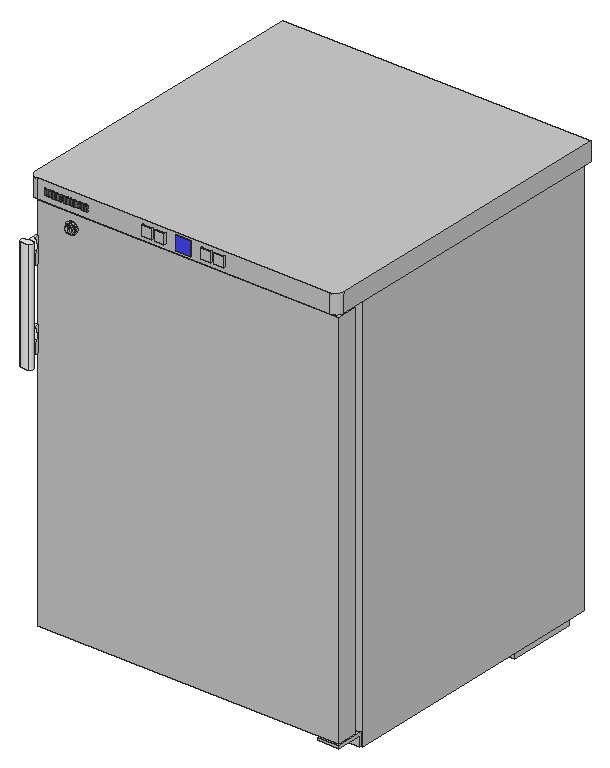
Revit family "QF_LIEBHERR_GGU 1550.191129010333", category Specialty Equipment, Revit 2016
Family settings
  Part Type = Normal
  Round Connector Dimension = Use Diameter
  OmniClass Number = 23.40.40.14
  OmniClass Title = Food Service Equipment
  Work Plane-Based = No
  Always vertical = Yes
  Cut with Voids When Loaded = No
  Shared = No
  Room Calculation Point = No
Parameters (values of type "GGU 1550_230V/1Ph/50Hz")
  URL catalogue = ""
  URL = "home.liebherr.com"
  Type de Raccord Electrique [instance] = ""
  Type article [instance] = ""
  Tension = 230 V
  Status [instance] = ""
  Spécification technique = ""
  Spécification du Fabricant [instance] = ""
  Spécification de l'Utilisateur [instance] = ""
  SMACNA No spécifique pour les matériaux  Etats Unis = ""
  Quantité par lot [instance] = no
  Puissance électrique  = 60 W
  Puissance en CV = ""
  Puissance Apparente = 60 VA
  Protection de l'Appareil = 0 A
  Profondeur hors tout = 615 mm
  Poids net à vide = 39.00 kg
  Phase = 1
  Numéro de Série = ""
  Nombres de Pôles = 2
  Nombre d'identification NAFEM = ""
  Model = "GGU 1550"
  Manufacturer = "LIEBHERR"
  Longueur hors tout = 600 mm
  Intensité nominale courant electrique = 0.6 A
  Installé Par [instance] = ""
  Identifiant Equipement [instance] = no
  Hauteur hors tout = 815 mm
  Hauteur de Raccordement du Sol Finis [instance] = 50 mm
  Hauteur de Raccordement du Sol Brut [instance] = 0 mm
  Fréquence = 50 Hz
  Fournis Par [instance] = ""
  Description = "TABLEHEIGHT FREEZER GGU 1550, -9/-26°C, S/STEEL EXTERIOR PS INTERIOR, 133 L NET"
  Câble de connexion à l'appareil inclus = no
  Cost = 0
  Consommation d'énergie minimale = 0 A
  Connexion prise électrique  = ""
  Code de Révision [instance] = ""
  Classification dans le projet = ""
  Classement sismique = ""
  Accessoires = no
Reference planes
  plane 1 "Centre (avant/arrière)": y = 0
  plane 2: z = 0
  plane 3 "Centre (gauche/droite)": x = 0
Forms (mm)
  Extrusion 1, solid, not visible
    sketch origin (419, -2, 64) x (1, 0, 0) y (0, 1, 0)
      loop
        line (0, 0) -> (2, 0) -> (2, 2) -> (0, 2) -> (0, 0)
    from 0 to 2
Dimensions and locks
  aligned and locked: level to plane 2
Nested families
  nested 1: "QF_LIEBHERR_GGU 1550_230V_1Ph_50Hz" at (0, 0, 15), type "GGU 1550_230V/1Ph/50Hz"
    with Show Logo yes, Show Clearance yes
  nested 2: "QF_LIEBHERR_FKUV1660_DOOR_RX" at (0, 0, 15), type "FKUV1660_DOOR_RX"
    with Show Logo yes, Show Clearance yes
  nested 3: "QF_LIEBHERR_FKUV_LEGS" at (0, 0, 0), type "FKUV_LEGS"
    with Show Logo yes, Show Clearance yes
Connectors
  electrical at (420, 0, 65), driven by "Puissance Apparente", driven by "Nombres de Pôles", driven by "Tension"
    settings: on Extrusion 1, index 1, voltage 230 V, apparent load 0 VA, apparent load phase1 60 VA, apparent load phase2 0 VA, apparent load phase3 0 VA, power factor 1, load classification "Other", number of poles 2, system type 31, power factor state 1, is connector primary yes, connector utility no, sub classification motor no, connector description "Electric connection for 'GGU 1550'"
Definition of nested family "QF_LIEBHERR_GGU 1550_230V_1Ph_50Hz"
  Parameters (values of type "GGU 1550_230V/1Ph/50Hz")
    URL = "home.liebherr.com"
    Show Logo [instance] = yes
    Show Clearance [instance] = yes
    Model = "GGU 1550"
    Manufacturer = "LIEBHERR"
    Description = "TABLEHEIGHT FREEZER GGU 1550, -9/-26°C, S/STEEL EXTERIOR PS INTERIOR, 133 L NET"
    Assembly Code = "E1090320"
  Types (3, lengths in mm): name | Model | Description
    FKUv 1660 | "FKUv 1660" | "TABLEHEIGHT FRIDGE FKUV 1660, +1/+15°C, S/STEEL EXTERIOR PS INTERIOR, 130 L NET"
    FKUv 1663 | "FKUv 1663" | "TABLEHEIGHT FRIDGE GLASS DOOR FKUV 1663, +1/+15°C, S/STEEL EXTERIOR PS INTERIOR, 130 L NET"
    GGU 1550_230V/1Ph/50Hz | "GGU 1550" | "TABLEHEIGHT FREEZER GGU 1550, -9/-26°C, S/STEEL EXTERIOR PS INTERIOR, 133 L NET"
  Reference planes
    plane 1 "Back": y = 0
    plane 2: z = 0
    plane 3 "Left": x = 0
    plane 4 "Right": x = 600
    plane 5 "Front": y = -615
    plane 6 "Top": z = 814.735
  Forms (mm)
    Extrusion 1, solid, visible <- "Show Logo"
      sketch origin (-279.177, -615, -1135.324) x (1, 0, 0) y (0, 0, 1)
        loop
          line (309.542, 1937.598) -> (309.542, 1926.598) -> (317.534, 1926.598) -> (317.534, 1929.598) -> (314.534, 1929.598) -> (314.534, 1937.598) -> (309.542, 1937.598)
        loop
          line (318.542, 1937.598) -> (318.542, 1926.598) -> (323.534, 1926.598) -> (323.534, 1937.598) -> (318.542, 1937.598)
        loop
          line (325.425, 1937.598) -> (325.425, 1926.598) -> (332.444, 1926.598) -> (332.444, 1929.098) -> (330.418, 1929.098) -> (330.418, 1931.098) -> (332.444, 1931.098) -> (332.444, 1933.098) -> (330.418, 1933.098) -> (330.418, 1935.098) -> (332.444, 1935.098) -> (332.444, 1937.598) -> (325.425, 1937.598)
        loop
          line (334.425, 1937.598) -> (334.425, 1926.598) -> (341.444, 1926.598)
          arc (341.444, 1926.598) -> (344.324, 1928.719) -> (343.152, 1932.098) r 3.015
          arc (343.152, 1932.098) -> (344.324, 1935.477) -> (341.444, 1937.598) r 3.015
          line (341.444, 1937.598) -> (334.425, 1937.598)
        loop
          line (340.389, 1935.098) -> (339.418, 1935.098) -> (339.418, 1933.098) -> (340.389, 1933.098)
          arc (340.389, 1933.098) -> (341.389, 1934.098) -> (340.389, 1935.098) r 1
        loop
          arc (340.456, 1929.098) -> (341.456, 1930.098) -> (340.456, 1931.098) r 1
          line (340.456, 1931.098) -> (339.418, 1931.098) -> (339.418, 1929.098) -> (340.456, 1929.098)
        loop
          line (346.398, 1937.598) -> (346.398, 1926.598) -> (351.391, 1926.598) -> (351.391, 1931.098) -> (353.417, 1931.098) -> (353.417, 1926.598) -> (358.41, 1926.598) -> (358.41, 1937.598) -> (353.417, 1937.598) -> (353.417, 1933.098) -> (351.391, 1933.098) -> (351.391, 1937.598) -> (346.398, 1937.598)
        loop
          line (359.811, 1937.598) -> (359.811, 1926.598) -> (366.83, 1926.598) -> (366.83, 1929.098) -> (364.803, 1929.098) -> (364.803, 1931.098) -> (366.83, 1931.098) -> (366.83, 1933.098) -> (364.803, 1933.098) -> (364.803, 1935.098) -> (366.83, 1935.098) -> (366.83, 1937.598) -> (359.811, 1937.598)
        loop
          line (368.822, 1937.598) -> (368.822, 1926.598) -> (373.814, 1926.598) -> (373.814, 1929.098) -> (374.887, 1926.598) -> (379.88, 1926.598) -> (378.318, 1930.237)
          arc (378.318, 1930.237) -> (379.724, 1934.807) -> (375.841, 1937.598) r 4.097
          line (375.841, 1937.598) -> (368.822, 1937.598)
        loop
          line (374.786, 1935.098) -> (373.814, 1935.098) -> (373.814, 1932.141) -> (374.786, 1932.141)
          arc (374.786, 1932.141) -> (376.264, 1933.619) -> (374.786, 1935.098) r 1.479
        loop
          line (381.56, 1937.598) -> (381.56, 1926.598) -> (386.553, 1926.598) -> (386.553, 1929.098) -> (387.626, 1926.598) -> (392.618, 1926.598) -> (391.057, 1930.237)
          arc (391.057, 1930.237) -> (392.463, 1934.807) -> (388.58, 1937.598) r 4.097
          line (388.58, 1937.598) -> (381.56, 1937.598)
        loop
          line (387.524, 1935.098) -> (386.553, 1935.098) -> (386.553, 1932.141) -> (387.524, 1932.141)
          arc (387.524, 1932.141) -> (389.003, 1933.619) -> (387.524, 1935.098) r 1.479
      from 0 to 2
    Extrusion 2, solid
      sketch origin (100, 0, 0) x (1, 0, 0) y (0, 0, 1)
        loop
          circle (450, 50) r 5
      from 0 to 12.972
    Extrusion 3, solid
      sketch origin (-46.444, -614, -1056.589) x (1, 0, 0) y (0, 0, 1)
        loop
          line (360.944, 1868.324) -> (331.944, 1868.324) -> (331.944, 1839.324) -> (360.944, 1839.324) -> (360.944, 1868.324)
      from 0 to 2
    Extrusion 4, solid
      sketch origin (0, 0, 0) x (1, 0, 0) y (0, 1, 0)
        loop
          line (600, 0) -> (0, 0) -> (0, -600.032)
          arc (0, -600.032) -> (4.384, -610.616) -> (14.968, -615) r 14.968
          line (14.968, -615) -> (585.032, -615)
          arc (585.032, -615) -> (595.616, -610.616) -> (600, -600.032) r 14.968
          line (600, -600.032) -> (600, 0)
      from 778.813 to 814.735
    Extrusion 5, solid
      sketch origin (0, 0, 0) x (1, 0, 0) y (0, 0, 1)
        loop
          line (2.145, 778.813) -> (2.145, 0) -> (597.855, 0) -> (597.855, 778.813) -> (2.145, 778.813)
        loop
          line (62.145, 718.813) -> (62.145, 60) -> (537.855, 60) -> (537.855, 718.813) -> (62.145, 718.813)
      from 12.972 to 551.306
    Extrusion 6, solid
      sketch origin (0, 0, 0) x (0, 1, 0) y (0, 0, 1)
        loop
          line (-12.972, 718.813) -> (-72.972, 718.813) -> (-72.972, 60) -> (-12.972, 60) -> (-12.972, 718.813)
      from 62.145 to 537.855
    Extrusion 7, solid
      sketch origin (-1.444, -615, -1056.589) x (1, 0, 0) y (0, 0, 1)
        loop
          line (355.944, 1863.324) -> (336.944, 1863.324) -> (336.944, 1844.324) -> (355.944, 1844.324) -> (355.944, 1863.324)
      from 0 to 3
    Extrusion 8, solid
      sketch origin (23.556, -615, -1056.589) x (1, 0, 0) y (0, 0, 1)
        loop
          line (355.944, 1863.324) -> (336.944, 1863.324) -> (336.944, 1844.324) -> (355.944, 1844.324) -> (355.944, 1863.324)
      from 0 to 3
    Extrusion 9, solid
      sketch origin (601.444, -615, -1056.589) x (-1, 0, 0) y (0, 0, -1)
        loop
          line (355.944, -1863.324) -> (355.944, -1844.324) -> (336.944, -1844.324) -> (336.944, -1863.324) -> (355.944, -1863.324)
      from 0 to 3
    Extrusion 10, solid
      sketch origin (576.444, -615, -1056.589) x (-1, 0, 0) y (0, 0, -1)
        loop
          line (355.944, -1863.324) -> (355.944, -1844.324) -> (336.944, -1844.324) -> (336.944, -1863.324) -> (355.944, -1863.324)
      from 0 to 3
    Extrusion 11, solid
      sketch origin (0, -550.306, 0) x (1, 0, 0) y (0, 0, 1)
        loop
          line (296.613, 17.937) -> (269.516, 17.937)
          arc (269.516, 17.937) -> (265, 13.421) -> (269.516, 8.905) r 4.516
          line (269.516, 8.905) -> (323.71, 8.905)
          arc (323.71, 8.905) -> (328.226, 13.421) -> (323.71, 17.937) r 4.516
          line (323.71, 17.937) -> (296.613, 17.937)
        loop
          line (368.871, 17.937) -> (341.774, 17.937)
          arc (341.774, 17.937) -> (337.258, 13.421) -> (341.774, 8.905) r 4.516
          line (341.774, 8.905) -> (395.968, 8.905)
          arc (395.968, 8.905) -> (400.484, 13.421) -> (395.968, 17.937) r 4.516
          line (395.968, 17.937) -> (368.871, 17.937)
        loop
          line (441.129, 17.937) -> (414.032, 17.937)
          arc (414.032, 17.937) -> (409.516, 13.421) -> (414.032, 8.905) r 4.516
          line (414.032, 8.905) -> (468.226, 8.905)
          arc (468.226, 8.905) -> (472.742, 13.421) -> (468.226, 17.937) r 4.516
          line (468.226, 17.937) -> (441.129, 17.937)
        loop
          line (513.387, 17.937) -> (486.29, 17.937)
          arc (486.29, 17.937) -> (481.774, 13.421) -> (486.29, 8.905) r 4.516
          line (486.29, 8.905) -> (540.484, 8.905)
          arc (540.484, 8.905) -> (545, 13.421) -> (540.484, 17.937) r 4.516
          line (540.484, 17.937) -> (513.387, 17.937)
        loop
          line (224.355, 17.937) -> (197.258, 17.937)
          arc (197.258, 17.937) -> (192.742, 13.421) -> (197.258, 8.905) r 4.516
          line (197.258, 8.905) -> (251.452, 8.905)
          arc (251.452, 8.905) -> (255.968, 13.421) -> (251.452, 17.937) r 4.516
          line (251.452, 17.937) -> (224.355, 17.937)
        loop
          line (152.097, 17.937) -> (125, 17.937)
          arc (125, 17.937) -> (120.484, 13.421) -> (125, 8.905) r 4.516
          line (125, 8.905) -> (179.194, 8.905)
          arc (179.194, 8.905) -> (183.71, 13.421) -> (179.194, 17.937) r 4.516
          line (179.194, 17.937) -> (152.097, 17.937)
        loop
          line (79.839, 17.937) -> (52.742, 17.937)
          arc (52.742, 17.937) -> (48.226, 13.421) -> (52.742, 8.905) r 4.516
          line (52.742, 8.905) -> (106.935, 8.905)
          arc (106.935, 8.905) -> (111.452, 13.421) -> (106.935, 17.937) r 4.516
          line (106.935, 17.937) -> (79.839, 17.937)
      from 0 to 2
  Cuts and joins
    joined: Extrusion 5, Extrusion 6
  Lines and regions (mm)
    symbolic lines
      curve 1: line (0, 0, 0) -> (600, 0, 0)
      curve 2: line (0, -600.032, 0) -> (0, 0, 0)
      curve 3: arc (0, -600.032, 0) -> (4.384, -610.616, 0) -> (14.968, -615, 0) r 14.968
      curve 4: arc (585.032, -615, 0) -> (595.616, -610.616, 0) -> (600, -600.032, 0) r 14.968
      curve 5: line (14.968, -615, 0) -> (585.032, -615, 0)
      curve 6: line (600, -600.032, 0) -> (600, 0, 0)
  Dimensions and locks
    plane 5 "Front" to plane 1 "Back" = 615 mm
    plane 3 "Left" to plane 4 "Right" = 600 mm
    plane 6 "Top" to level = 814.735 mm
    aligned and locked: level to plane 2
  Connectors
    electrical at (550, 0, 50)
      settings: on Extrusion 2, index 1, voltage 0 V, apparent load 0 VA, apparent load phase1 0 VA, apparent load phase2 0 VA, apparent load phase3 0 VA, power factor 1, load classification none, number of poles 1, system type 31, power factor state 1, is connector primary yes, connector utility no, sub classification motor no, connector description "Electrical connection"
Definition of nested family "QF_LIEBHERR_FKUV1660_DOOR_RX"
  Parameters (values of type "FKUV1660_DOOR_RX")
    URL catalogue [instance] = ""
    URL = "home.liebherr.com"
    Status [instance] = ""
    Spécification technique [instance] = ""
    Spécification du Fabricant [instance] = ""
    Spécification de l'Utilisateur [instance] = ""
    Show Logo [instance] = yes
    Show Clearance [instance] = yes
    SMACNA No spécifique pour les matériaux  Etats Unis [instance] = ""
    Quantité par lot [instance] = no
    Profondeur hors tout [instance] = 53 mm
    Poids net à vide [instance] = 0.00 kg
    Numéro de Série [instance] = ""
    Nombre d'identification NAFEM [instance] = ""
    Model = "FKUV1660_DOOR_RX"
    Manufacturer = "LIEBHERR"
    Longueur hors tout [instance] = 586 mm
    Installé Par [instance] = ""
    Identifiant Equipement [instance] = no
    Hauteur hors tout [instance] = 742 mm
    Fournis Par [instance] = ""
    Description = "DOOR WITH RIGHT OPENING"
    Cost = 0
    Code de Révision [instance] = ""
    Classification dans le projet [instance] = ""
    Classement sismique [instance] = ""
    Assembly Code = "E1090320"
    Accessoires [instance] = yes
  Reference planes
    plane 1 "Back": y = 0
    plane 2: z = 0
    plane 3 "Left": x = 0
    plane 4 "Right": x = 600
    plane 5 "Front": y = -615
    plane 6 "Top": z = 778.813
  Forms (mm)
    Extrusion 1, solid
      sketch origin (-150.212, 127.831, 0) x (0, 1, 0) y (0, 0, 1)
        loop
          line (-692.771, 769.233) -> (-732.932, 769.233) -> (-732.932, 26.842) -> (-692.771, 26.842) -> (-692.771, 769.233)
      from 157.247 to 743.976
    Extrusion 2, solid
      sketch origin (-124.188, 124.899, 0) x (0, 1, 0) y (0, 0, 1)
        loop
          line (-689.839, 754.233) -> (-689.839, 41.842) -> (-676.205, 41.842) -> (-676.205, 754.233) -> (-689.839, 754.233)
      from 146.223 to 697.952
    Extrusion 3, solid
      sketch origin (1.011, 124.899, -579.349) x (1, 0, 0) y (0, 1, 0)
        loop
          line (1.205, -704.339) -> (1.205, -746.243)
          arc (1.205, -746.243) -> (1.969, -750.085) -> (4.146, -753.342) r 10.04
          line (4.146, -753.342) -> (16.509, -765.705)
          arc (16.509, -765.705) -> (17.815, -767.66) -> (18.273, -769.965) r 6.024
          line (18.273, -769.965) -> (18.273, -775.008) -> (32.329, -775.008) -> (32.329, -765.806)
          arc (32.329, -765.806) -> (31.565, -761.964) -> (29.389, -758.707) r 10.04
          line (29.389, -758.707) -> (6.024, -735.342) -> (6.024, -704.339) -> (1.205, -704.339)
      from 1260.04 to 1285.141
    Extrusion 4, solid
      sketch origin (1.011, 124.899, -579.349) x (1, 0, 0) y (0, 1, 0)
        loop
          arc (17.07, -773.263) -> (13.318, -778.802) -> (17.07, -784.341) r 5.964
          arc (17.07, -784.341) -> (25.301, -785.924) -> (33.532, -784.341) r 22.195
          arc (33.532, -784.341) -> (37.285, -778.802) -> (33.532, -773.263) r 5.964
          arc (33.532, -773.263) -> (25.301, -771.681) -> (17.07, -773.263) r 22.195
      from 1085.843 to 1303.715
    Extrusion 5, solid
      sketch origin (1.011, 124.899, -734.972) x (1, 0, 0) y (0, 1, 0)
        loop
          line (1.205, -704.339) -> (1.205, -746.243)
          arc (1.205, -746.243) -> (1.969, -750.085) -> (4.146, -753.342) r 10.04
          line (4.146, -753.342) -> (16.509, -765.705)
          arc (16.509, -765.705) -> (17.815, -767.66) -> (18.273, -769.965) r 6.024
          line (18.273, -769.965) -> (18.273, -775.008) -> (32.329, -775.008) -> (32.329, -765.806)
          arc (32.329, -765.806) -> (31.565, -761.964) -> (29.389, -758.707) r 10.04
          line (29.389, -758.707) -> (6.024, -735.342) -> (6.024, -704.339) -> (1.205, -704.339)
      from 1260.04 to 1285.141
    Extrusion 6, solid
      sketch origin (-128.285, 128.192, 0) x (1, 0, 0) y (0, 1, 0)
        loop
          circle (709.086, -713.896) r 10
      from 23.449 to 26.842
    Extrusion 7, solid
      sketch origin (-128.285, 128.192, 726.563) x (1, 0, 0) y (0, 1, 0)
        loop
          circle (709.086, -713.896) r 10
      from 42.671 to 52.25
    Extrusion 8, solid, visible <- "Show Clearance", detail levels coarse
      sketch origin (-150.212, 124.899, 0) x (1, 0, 0) y (0, 1, 0)
        loop
          line (743.976, -730) -> (157.247, -730)
          arc (157.247, -730) -> (321.861, -1117.931) -> (703.976, -1295.628) r 587.072
          line (703.976, -1295.628) -> (743.976, -1295.628) -> (743.976, -730)
      from 26.842 to 769.233
    Extrusion 9, solid
      sketch origin (599.788, 124.899, -19.699) x (0, 1, 0) y (0, 0, -1)
        loop
          line (-676.205, -19.699) -> (-680.221, -19.699) -> (-680.221, -39.157) -> (-731.086, -39.157) -> (-731.086, -43.148) -> (-676.205, -43.148) -> (-676.205, -19.699)
      from 5.208 to 45.121
    Revolve 10, solid
      sketch origin (74.189, 124.899, -804.98) x (0, 1, 0) y (0, 0, -1)
        loop
          line (-740.04, -1549.699) -> (-740.04, -1554.63) -> (-738.032, -1555.634) -> (-737.032, -1555.634) -> (-737.032, -1556.723) -> (-735.02, -1558.735) -> (-734.018, -1558.735) -> (-732.01, -1560.743) -> (-730, -1560.743) -> (-730, -1549.699) -> (-740.04, -1549.699)
        axis (-730, -1549.699) -> (-740.04, -1549.699)
      angle from 0 to 360
  Lines and regions (mm)
    symbolic lines, visible <- "Show Clearance"
      curve 1: line (593.764, -1170.728, 0) -> (593.764, -612.19, 0)
      curve 2: line (553.764, -1170.728, 0) -> (553.764, -615, 0)
      curve 3: line (553.764, -1170.728, 0) -> (593.764, -1170.728, 0)
      curve 16: arc (7.355, -612.919, 0) -> (174.377, -995.835, 0) -> (553.764, -1170.728, 0) r 587.072
    symbolic lines
      curve 4: line (2.215, -607.869, 0) -> (2.215, -621.344, 0)
      curve 5: line (11.077, -614.486, 0) -> (30.399, -633.808, 0)
      curve 6: line (33.34, -647.923, 0) -> (33.34, -640.907, 0)
      curve 7: line (19.284, -647.923, 0) -> (19.284, -645.066, 0)
      curve 8: line (17.519, -640.806, 0) -> (5.156, -628.443, 0)
      curve 9: arc (2.215, -621.344, 0) -> (2.98, -625.186, 0) -> (5.156, -628.443, 0) r 10.04
      curve 10: arc (17.519, -640.806, 0) -> (18.825, -642.761, 0) -> (19.284, -645.066, 0) r 6.024
      curve 11: arc (33.34, -640.907, 0) -> (32.576, -637.065, 0) -> (30.399, -633.808, 0) r 10.04
      curve 12: arc (18.081, -648.364, 0) -> (14.328, -653.903, 0) -> (18.081, -659.442, 0) r 5.964
      curve 13: arc (18.081, -659.442, 0) -> (26.312, -661.024, 0) -> (34.543, -659.442, 0) r 22.195
      curve 14: arc (34.543, -659.442, 0) -> (38.295, -653.903, 0) -> (34.543, -648.364, 0) r 5.964
      curve 15: arc (34.543, -648.364, 0) -> (26.312, -646.781, 0) -> (18.081, -648.364, 0) r 22.195
  Dimensions and locks
    plane 5 "Front" to plane 1 "Back" = 615 mm
    plane 3 "Left" to plane 4 "Right" = 600 mm
    plane 6 "Top" to level = 778.813 mm
    aligned and locked: level to plane 2
Definition of nested family "QF_LIEBHERR_FKUV_LEGS"
  Parameters (values of type "FKUV_LEGS")
    URL catalogue [instance] = ""
    URL = "home.liebherr.com"
    Status [instance] = ""
    Spécification technique [instance] = ""
    Spécification du Fabricant [instance] = ""
    Spécification de l'Utilisateur [instance] = ""
    Show Logo [instance] = yes
    Show Clearance [instance] = yes
    SMACNA No spécifique pour les matériaux  Etats Unis [instance] = ""
    Quantité par lot [instance] = no
    Profondeur hors tout [instance] = 615 mm
    Poids net à vide [instance] = 0.00 kg
    Numéro de Série [instance] = ""
    Nombre d'identification NAFEM [instance] = ""
    Model = "FKUv_LEGS"
    Manufacturer = "LIEBHERR"
    Longueur hors tout [instance] = 600 mm
    Installé Par [instance] = ""
    Identifiant Equipement [instance] = no
    Hauteur hors tout [instance] = 15 mm
    Fournis Par [instance] = ""
    Description = "STANDARD LEGS"
    Cost = 0
    Code de Révision [instance] = ""
    Classification dans le projet [instance] = ""
    Classement sismique [instance] = ""
    Assembly Code = "E1090320"
    Accessoires [instance] = yes
  Reference planes
    plane 1 "Back": y = 0
    plane 2: z = 0
    plane 3 "Left": x = 0
    plane 4 "Right": x = 600
    plane 5 "Front": y = -615
    plane 6 "Top": z = 15
  Forms (mm)
    Revolve 1, solid
      sketch origin (0, -513.887, 0) x (1, 0, 0) y (0, 0, 1)
        loop
          line (29.436, 15) -> (29.436, 0) -> (38.417, 0)
          arc (38.417, 0) -> (39.828, 0.585) -> (40.412, 1.996) r 1.996
          line (40.412, 1.996) -> (40.412, 15) -> (29.436, 15)
        axis (29.436, 15) -> (29.436, 0)
      angle from 0 to 360
    Extrusion 2, solid
      sketch origin (0, 0, 0) x (0, 1, 0) y (0, 0, 1)
        loop
          line (-42.508, 15) -> (-174.588, 15) -> (-174.588, 0) -> (-42.508, 0) -> (-42.508, 15)
      from 3.991 to 23.991
    Revolve 3, solid
      sketch origin (595.709, -513.887, 0) x (-1, 0, 0) y (0, 0, -1)
        loop
          line (29.436, -15) -> (40.412, -15) -> (40.412, -1.996)
          arc (40.412, -1.996) -> (39.828, -0.585) -> (38.417, 0) r 1.996
          line (38.417, 0) -> (29.436, 0) -> (29.436, -15)
        axis (29.436, -15) -> (29.436, 0)
      angle from 0 to 360
    Extrusion 4, solid
      sketch origin (595.709, 0, 0) x (0, 1, 0) y (0, 0, -1)
        loop
          line (-42.508, -15) -> (-42.508, 0) -> (-174.588, 0) -> (-174.588, -15) -> (-42.508, -15)
      from 3.991 to 23.991
  Dimensions and locks
    plane 3 "Left" to plane 4 "Right" = 600 mm
    plane 5 "Front" to plane 1 "Back" = 615 mm
    plane 6 "Top" to level = 15 mm
    aligned and locked: level to plane 2
